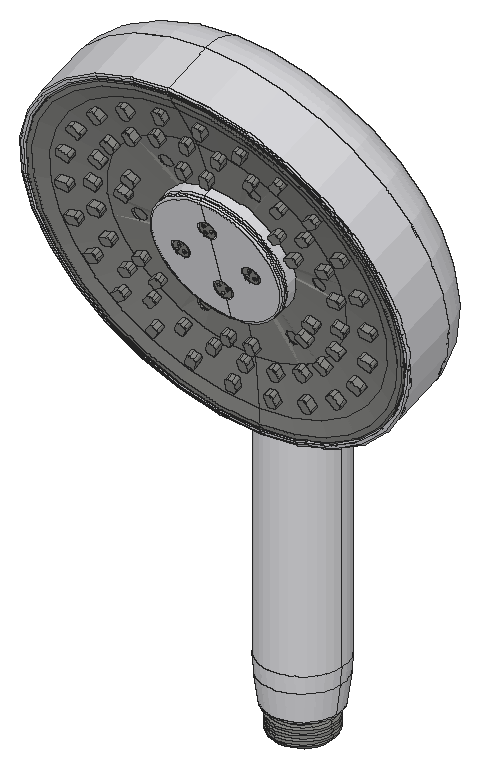
Revit family "Shower-Handshower-KOHLER-Statement_Round-K-R28694T_1", category Plumbing Fixtures, host Face, Revit 2021 (continued)
Definition of nested family "K-R28694T"
  Lines and regions (in)
    symbolic lines, detail levels medium+fine
      curve 445: spline (0.31396, 0, 8.30089) -> (0.3186, 0, 8.29999) -> (0.32308, 0, 8.29852) -> (0.32731, 0, 8.2965) -> (0.33124, 0, 8.29396) -> (0.33478, 0, 8.29096) -> (0.33788, 0, 8.28753) -> (0.34048, 0, 8.28375) -> (0.34254, 0, 8.27967) -> (0.34403, 0, 8.27537) -> (0.34492, 0, 8.27092) -> (0.34519, 0, 8.26639) -> (0.34484, 0, 8.26187)
      curve 446: spline (0.34484, 0, 8.26187) -> (0.34359, 0, 8.25332) -> (0.34233, 0, 8.24477) -> (0.34108, 0, 8.23622) -> (0.33982, 0, 8.22766) -> (0.33857, 0, 8.21911) -> (0.33731, 0, 8.21056) -> (0.33606, 0, 8.20201) -> (0.3348, 0, 8.19346) -> (0.33355, 0, 8.18491) -> (0.33229, 0, 8.17636) -> (0.33104, 0, 8.16781) -> (0.32978, 0, 8.15926)
      curve 447: spline (0.20573, 0, 8.17584) -> (0.20698, 0, 8.18438) -> (0.20824, 0, 8.19292) -> (0.20949, 0, 8.20146) -> (0.21075, 0, 8.21) -> (0.212, 0, 8.21854) -> (0.21325, 0, 8.22708) -> (0.21451, 0, 8.23562) -> (0.21576, 0, 8.24416) -> (0.21701, 0, 8.2527) -> (0.21827, 0, 8.26124) -> (0.21952, 0, 8.26979) -> (0.22077, 0, 8.27833)
      curve 448: spline (0.76792, 0, 7.9998) -> (0.76387, 0, 8.00144) -> (0.75981, 0, 8.00307) -> (0.75576, 0, 8.00471) -> (0.75171, 0, 8.00634) -> (0.74766, 0, 8.00798) -> (0.74361, 0, 8.00961) -> (0.73955, 0, 8.01125) -> (0.7355, 0, 8.01288) -> (0.73145, 0, 8.01452) -> (0.7274, 0, 8.01616) -> (0.72335, 0, 8.01779) -> (0.71929, 0, 8.01943)
      curve 449: spline (0.71929, 0, 8.01943) -> (0.71504, 0, 8.02145) -> (0.71111, 0, 8.02398) -> (0.70755, 0, 8.02699) -> (0.70444, 0, 8.03041) -> (0.70182, 0, 8.0342) -> (0.69975, 0, 8.03829) -> (0.69825, 0, 8.0426) -> (0.69736, 0, 8.04706) -> (0.69708, 0, 8.0516) -> (0.69743, 0, 8.05613) -> (0.6984, 0, 8.06058) -> (0.69996, 0, 8.06488)
      curve 450: spline (0.69996, 0, 8.06488) -> (0.70348, 0, 8.07282) -> (0.707, 0, 8.08076) -> (0.71052, 0, 8.0887) -> (0.71404, 0, 8.09665) -> (0.71756, 0, 8.10459) -> (0.72108, 0, 8.11253) -> (0.7246, 0, 8.12047) -> (0.72812, 0, 8.12842) -> (0.73164, 0, 8.13636) -> (0.73516, 0, 8.1443) -> (0.73867, 0, 8.15225) -> (0.74219, 0, 8.16019)
      curve 451: spline (0.74219, 0, 8.16019) -> (0.74432, 0, 8.16424) -> (0.74698, 0, 8.16798) -> (0.75012, 0, 8.17136) -> (0.75369, 0, 8.17433) -> (0.75764, 0, 8.17682) -> (0.76189, 0, 8.17881) -> (0.76637, 0, 8.18025) -> (0.77101, 0, 8.18111) -> (0.77573, 0, 8.1814) -> (0.78044, 0, 8.18109) -> (0.78507, 0, 8.1802) -> (0.78954, 0, 8.17874)
      curve 452: spline (0.78954, 0, 8.17874) -> (0.7936, 0, 8.1771) -> (0.79766, 0, 8.17546) -> (0.80173, 0, 8.17382) -> (0.80579, 0, 8.17218) -> (0.80985, 0, 8.17054) -> (0.81391, 0, 8.1689) -> (0.81797, 0, 8.16726) -> (0.82204, 0, 8.16562) -> (0.8261, 0, 8.16398) -> (0.83016, 0, 8.16234) -> (0.83422, 0, 8.1607) -> (0.83828, 0, 8.15906)
      curve 453: spline (0.83828, 0, 8.15906) -> (0.84252, 0, 8.15705) -> (0.84644, 0, 8.15453) -> (0.84999, 0, 8.15153) -> (0.85309, 0, 8.14812) -> (0.8557, 0, 8.14434) -> (0.85776, 0, 8.14027) -> (0.85926, 0, 8.13598) -> (0.86015, 0, 8.13153) -> (0.86042, 0, 8.127) -> (0.86007, 0, 8.12248) -> (0.85911, 0, 8.11805) -> (0.85755, 0, 8.11376)
      curve 454: spline (0.85755, 0, 8.11376) -> (0.85403, 0, 8.10581) -> (0.85051, 0, 8.09786) -> (0.84698, 0, 8.0899) -> (0.84346, 0, 8.08195) -> (0.83994, 0, 8.074) -> (0.83641, 0, 8.06604) -> (0.83289, 0, 8.05809) -> (0.82937, 0, 8.05014) -> (0.82584, 0, 8.04219) -> (0.82232, 0, 8.03424) -> (0.81879, 0, 8.02628) -> (0.81527, 0, 8.01833)
      curve 455: spline (0.81527, 0, 8.01833) -> (0.81314, 0, 8.01429) -> (0.81049, 0, 8.01055) -> (0.80734, 0, 8.00717) -> (0.80377, 0, 8.0042) -> (0.79982, 0, 8.00171) -> (0.79557, 0, 7.99972) -> (0.79109, 0, 7.99829) -> (0.78645, 0, 7.99742) -> (0.78173, 0, 7.99714) -> (0.77702, 0, 7.99745) -> (0.77239, 0, 7.99834) -> (0.76792, 0, 7.9998)
      curve 456: spline (0.76778, 0, 7.99986) -> (0.76373, 0, 8.00149) -> (0.75967, 0, 8.00313) -> (0.75562, 0, 8.00476) -> (0.75157, 0, 8.0064) -> (0.74752, 0, 8.00803) -> (0.74346, 0, 8.00967) -> (0.73941, 0, 8.01131) -> (0.73536, 0, 8.01294) -> (0.73131, 0, 8.01458) -> (0.72726, 0, 8.01621) -> (0.7232, 0, 8.01785) -> (0.71915, 0, 8.01948)
      curve 457: spline (1.19513, 0, 7.75647) -> (1.19166, 0, 7.75905) -> (1.18818, 0, 7.76164) -> (1.1847, 0, 7.76422) -> (1.18122, 0, 7.76681) -> (1.17774, 0, 7.76939) -> (1.17426, 0, 7.77198) -> (1.17078, 0, 7.77456) -> (1.1673, 0, 7.77714) -> (1.16382, 0, 7.77973) -> (1.16034, 0, 7.78231) -> (1.15687, 0, 7.7849) -> (1.15339, 0, 7.78748)
      curve 458: spline (1.14714, 0, 7.83606) -> (1.15269, 0, 7.84287) -> (1.15824, 0, 7.84968) -> (1.16378, 0, 7.85648) -> (1.16933, 0, 7.86329) -> (1.17487, 0, 7.8701) -> (1.18042, 0, 7.87691) -> (1.18596, 0, 7.88372) -> (1.19151, 0, 7.89052) -> (1.19705, 0, 7.89733) -> (1.2026, 0, 7.90414) -> (1.20814, 0, 7.91095) -> (1.21369, 0, 7.91776)
      curve 459: spline (1.21369, 0, 7.91776) -> (1.21683, 0, 7.92114) -> (1.22041, 0, 7.92411) -> (1.22436, 0, 7.9266) -> (1.22861, 0, 7.92859) -> (1.23309, 0, 7.93003) -> (1.23773, 0, 7.9309) -> (1.24245, 0, 7.93119) -> (1.24716, 0, 7.93088) -> (1.25179, 0, 7.92999) -> (1.25626, 0, 7.92854) -> (1.26048, 0, 7.92654) -> (1.2644, 0, 7.92403)
      curve 460: spline (1.30613, 0, 7.89303) -> (1.30967, 0, 7.89004) -> (1.31278, 0, 7.88664) -> (1.31539, 0, 7.88287) -> (1.31746, 0, 7.87881) -> (1.31895, 0, 7.87452) -> (1.31985, 0, 7.87008) -> (1.32013, 0, 7.86556) -> (1.31978, 0, 7.86105) -> (1.31883, 0, 7.85661) -> (1.31727, 0, 7.85233) -> (1.31514, 0, 7.84827) -> (1.31248, 0, 7.84452)
      curve 461: spline (1.31248, 0, 7.84452) -> (1.30692, 0, 7.8377) -> (1.30137, 0, 7.83089) -> (1.29582, 0, 7.82407) -> (1.29027, 0, 7.81725) -> (1.28472, 0, 7.81043) -> (1.27917, 0, 7.80362) -> (1.27361, 0, 7.7968) -> (1.26806, 0, 7.78999) -> (1.26251, 0, 7.78317) -> (1.25696, 0, 7.77636) -> (1.25141, 0, 7.76954) -> (1.24585, 0, 7.76273)
      curve 462: spline (1.24585, 0, 7.76273) -> (1.24271, 0, 7.75934) -> (1.23913, 0, 7.75638) -> (1.23518, 0, 7.75388) -> (1.23093, 0, 7.7519) -> (1.22644, 0, 7.75046) -> (1.2218, 0, 7.74959) -> (1.21709, 0, 7.74931) -> (1.21237, 0, 7.74961) -> (1.20775, 0, 7.7505) -> (1.20328, 0, 7.75196) -> (1.19905, 0, 7.75396) -> (1.19513, 0, 7.75647)
      curve 463: spline (1.19501, 0, 7.75656) -> (1.19155, 0, 7.75913) -> (1.18808, 0, 7.76171) -> (1.18461, 0, 7.76429) -> (1.18114, 0, 7.76687) -> (1.17767, 0, 7.76944) -> (1.1742, 0, 7.77202) -> (1.17073, 0, 7.7746) -> (1.16726, 0, 7.77717) -> (1.16379, 0, 7.77975) -> (1.16032, 0, 7.78233) -> (1.15686, 0, 7.78491) -> (1.15339, 0, 7.78748)
      curve 464: spline (1.2644, 0, 7.92403) -> (1.26788, 0, 7.92144) -> (1.27136, 0, 7.91886) -> (1.27483, 0, 7.91628) -> (1.27831, 0, 7.91369) -> (1.28179, 0, 7.91111) -> (1.28526, 0, 7.90853) -> (1.28874, 0, 7.90594) -> (1.29222, 0, 7.90336) -> (1.2957, 0, 7.90078) -> (1.29917, 0, 7.89819) -> (1.30265, 0, 7.89561) -> (1.30613, 0, 7.89303)
      curve 465: spline (1.14714, 0, 7.83606) -> (1.15269, 0, 7.84287) -> (1.15824, 0, 7.84968) -> (1.16378, 0, 7.85648) -> (1.16933, 0, 7.86329) -> (1.17487, 0, 7.8701) -> (1.18042, 0, 7.87691) -> (1.18596, 0, 7.88372) -> (1.19151, 0, 7.89052) -> (1.19705, 0, 7.89733) -> (1.2026, 0, 7.90414) -> (1.20814, 0, 7.91095) -> (1.21369, 0, 7.91776)
      curve 466: spline (1.26453, 0, 7.92393) -> (1.268, 0, 7.92135) -> (1.27148, 0, 7.91877) -> (1.27496, 0, 7.91618) -> (1.27844, 0, 7.9136) -> (1.28191, 0, 7.91102) -> (1.28539, 0, 7.90843) -> (1.28887, 0, 7.90585) -> (1.29235, 0, 7.90327) -> (1.29582, 0, 7.90068) -> (1.2993, 0, 7.8981) -> (1.30278, 0, 7.89552) -> (1.30626, 0, 7.89293)
      curve 467: spline (1.15351, 0, 7.78739) -> (1.14995, 0, 7.79039) -> (1.14684, 0, 7.79381) -> (1.14422, 0, 7.79759) -> (1.14214, 0, 7.80166) -> (1.14064, 0, 7.80597) -> (1.13975, 0, 7.81042) -> (1.13947, 0, 7.81495) -> (1.13981, 0, 7.81949) -> (1.14077, 0, 7.82394) -> (1.14234, 0, 7.82823) -> (1.14447, 0, 7.8323) -> (1.14714, 0, 7.83606)
      curve 468: spline (1.54156, 0, 7.41629) -> (1.53891, 0, 7.41963) -> (1.53626, 0, 7.42297) -> (1.53361, 0, 7.42632) -> (1.53096, 0, 7.42966) -> (1.52831, 0, 7.433) -> (1.52566, 0, 7.43634) -> (1.52301, 0, 7.43969) -> (1.52036, 0, 7.44303) -> (1.51771, 0, 7.44637) -> (1.51507, 0, 7.44972) -> (1.51242, 0, 7.45306) -> (1.50977, 0, 7.4564)
      curve 469: spline (1.50977, 0, 7.4564) -> (1.50715, 0, 7.46017) -> (1.50507, 0, 7.46424) -> (1.50356, 0, 7.46853) -> (1.50266, 0, 7.47298) -> (1.50238, 0, 7.47751) -> (1.50272, 0, 7.48204) -> (1.50368, 0, 7.48648) -> (1.50524, 0, 7.49078) -> (1.50737, 0, 7.49484) -> (1.51004, 0, 7.49861) -> (1.51321, 0, 7.50201) -> (1.5168, 0, 7.50499)
      curve 470: spline (1.5168, 0, 7.50499) -> (1.524, 0, 7.5102) -> (1.53119, 0, 7.51541) -> (1.53838, 0, 7.52063) -> (1.54558, 0, 7.52584) -> (1.55277, 0, 7.53105) -> (1.55996, 0, 7.53627) -> (1.56716, 0, 7.54148) -> (1.57435, 0, 7.54669) -> (1.58154, 0, 7.55191) -> (1.58874, 0, 7.55712) -> (1.59593, 0, 7.56234) -> (1.60312, 0, 7.56755)
      curve 471: spline (1.60312, 0, 7.56755) -> (1.60707, 0, 7.57005) -> (1.61132, 0, 7.57203) -> (1.61581, 0, 7.57347) -> (1.62045, 0, 7.57434) -> (1.62517, 0, 7.57463) -> (1.62988, 0, 7.57433) -> (1.63451, 0, 7.57345) -> (1.63897, 0, 7.572) -> (1.6432, 0, 7.57) -> (1.64711, 0, 7.56749) -> (1.65065, 0, 7.56452) -> (1.65375, 0, 7.56113)
      curve 472: spline (1.65375, 0, 7.56113) -> (1.6564, 0, 7.55778) -> (1.65906, 0, 7.55443) -> (1.66171, 0, 7.55108) -> (1.66437, 0, 7.54773) -> (1.66702, 0, 7.54438) -> (1.66968, 0, 7.54103) -> (1.67234, 0, 7.53768) -> (1.67499, 0, 7.53432) -> (1.67765, 0, 7.53097) -> (1.6803, 0, 7.52762) -> (1.68296, 0, 7.52427) -> (1.68561, 0, 7.52092)
      curve 473: spline (1.68561, 0, 7.52092) -> (1.68823, 0, 7.51717) -> (1.6903, 0, 7.51311) -> (1.6918, 0, 7.50883) -> (1.6927, 0, 7.5044) -> (1.69298, 0, 7.49989) -> (1.69264, 0, 7.49538) -> (1.69169, 0, 7.49094) -> (1.69013, 0, 7.48666) -> (1.68801, 0, 7.48261) -> (1.68535, 0, 7.47886) -> (1.68219, 0, 7.47546) -> (1.67861, 0, 7.47249)
      curve 474: spline (1.67861, 0, 7.47249) -> (1.67141, 0, 7.46727) -> (1.66421, 0, 7.46205) -> (1.657, 0, 7.45683) -> (1.6498, 0, 7.45161) -> (1.6426, 0, 7.44639) -> (1.6354, 0, 7.44117) -> (1.6282, 0, 7.43595) -> (1.621, 0, 7.43073) -> (1.61379, 0, 7.42551) -> (1.60659, 0, 7.42029) -> (1.59939, 0, 7.41508) -> (1.59219, 0, 7.40986)
      curve 475: spline (1.59219, 0, 7.40986) -> (1.58824, 0, 7.40736) -> (1.58398, 0, 7.40538) -> (1.5795, 0, 7.40394) -> (1.57486, 0, 7.40307) -> (1.57014, 0, 7.40278) -> (1.56543, 0, 7.40309) -> (1.5608, 0, 7.40397) -> (1.55633, 0, 7.40542) -> (1.55211, 0, 7.40742) -> (1.54819, 0, 7.40993) -> (1.54466, 0, 7.4129) -> (1.54156, 0, 7.41629)
      curve 476: spline (1.76379, 0, 7.04901) -> (1.76228, 0, 7.0533) -> (1.76138, 0, 7.05774) -> (1.76109, 0, 7.06226) -> (1.76143, 0, 7.06678) -> (1.76239, 0, 7.07122) -> (1.76394, 0, 7.07551) -> (1.76607, 0, 7.07957) -> (1.76874, 0, 7.08334) -> (1.7719, 0, 7.08674) -> (1.7755, 0, 7.08972) -> (1.77947, 0, 7.09223) -> (1.78375, 0, 7.09422)
      curve 477: spline (1.78375, 0, 7.09422) -> (1.7921, 0, 7.09749) -> (1.80045, 0, 7.10075) -> (1.8088, 0, 7.10402) -> (1.81715, 0, 7.10729) -> (1.8255, 0, 7.11055) -> (1.83385, 0, 7.11382) -> (1.8422, 0, 7.11709) -> (1.85055, 0, 7.12036) -> (1.85891, 0, 7.12363) -> (1.86726, 0, 7.12689) -> (1.87561, 0, 7.13016) -> (1.88396, 0, 7.13343)
      curve 478: spline (1.88396, 0, 7.13343) -> (1.88844, 0, 7.13487) -> (1.89308, 0, 7.13574) -> (1.8978, 0, 7.13603) -> (1.90251, 0, 7.13573) -> (1.90714, 0, 7.13485) -> (1.9116, 0, 7.1334) -> (1.91582, 0, 7.13141) -> (1.91974, 0, 7.12891) -> (1.92327, 0, 7.12594) -> (1.92637, 0, 7.12256) -> (1.92897, 0, 7.11882) -> (1.93105, 0, 7.11478)
      curve 479: spline (1.93105, 0, 7.11478) -> (1.9327, 0, 7.11089) -> (1.93435, 0, 7.107) -> (1.936, 0, 7.10311) -> (1.93766, 0, 7.09922) -> (1.93931, 0, 7.09533) -> (1.94096, 0, 7.09144) -> (1.94262, 0, 7.08755) -> (1.94427, 0, 7.08366) -> (1.94592, 0, 7.07977) -> (1.94758, 0, 7.07588) -> (1.94923, 0, 7.07199) -> (1.95088, 0, 7.0681)
      curve 480: spline (1.95088, 0, 7.0681) -> (1.95238, 0, 7.06383) -> (1.95329, 0, 7.0594) -> (1.95357, 0, 7.0549) -> (1.95323, 0, 7.05039) -> (1.95228, 0, 7.04597) -> (1.95073, 0, 7.04169) -> (1.94861, 0, 7.03764) -> (1.94595, 0, 7.03389) -> (1.9428, 0, 7.0305) -> (1.93922, 0, 7.02753) -> (1.93526, 0, 7.02502) -> (1.931, 0, 7.02303)
      curve 481: spline (1.931, 0, 7.02303) -> (1.92264, 0, 7.01976) -> (1.91428, 0, 7.01649) -> (1.90592, 0, 7.01322) -> (1.89756, 0, 7.00994) -> (1.88919, 0, 7.00667) -> (1.88083, 0, 7.0034) -> (1.87247, 0, 7.00013) -> (1.86411, 0, 6.99686) -> (1.85575, 0, 6.99359) -> (1.84739, 0, 6.99032) -> (1.83903, 0, 6.98705) -> (1.83067, 0, 6.98378)
      curve 482: spline (1.83067, 0, 6.98378) -> (1.82618, 0, 6.98234) -> (1.82154, 0, 6.98147) -> (1.81682, 0, 6.98118) -> (1.81211, 0, 6.98148) -> (1.80748, 0, 6.98237) -> (1.80302, 0, 6.98382) -> (1.7988, 0, 6.98581) -> (1.79488, 0, 6.98831) -> (1.79135, 0, 6.99128) -> (1.78825, 0, 6.99466) -> (1.78565, 0, 6.9984) -> (1.78358, 0, 7.00244)
      curve 483: spline (1.78358, 0, 7.00244) -> (1.78193, 0, 7.00632) -> (1.78028, 0, 7.0102) -> (1.77863, 0, 7.01408) -> (1.77698, 0, 7.01796) -> (1.77533, 0, 7.02184) -> (1.77368, 0, 7.02572) -> (1.77203, 0, 7.0296) -> (1.77039, 0, 7.03349) -> (1.76874, 0, 7.03737) -> (1.76709, 0, 7.04125) -> (1.76544, 0, 7.04513) -> (1.76379, 0, 7.04901)
      curve 484: spline (1.92978, 0, 6.63175) -> (1.93872, 0, 6.63285) -> (1.94766, 0, 6.63395) -> (1.9566, 0, 6.63506) -> (1.96554, 0, 6.63616) -> (1.97448, 0, 6.63726) -> (1.98342, 0, 6.63836) -> (1.99236, 0, 6.63947) -> (2.0013, 0, 6.64057) -> (2.01024, 0, 6.64167) -> (2.01918, 0, 6.64278) -> (2.02812, 0, 6.64388) -> (2.03706, 0, 6.64499)
      curve 485: spline (2.03706, 0, 6.64499) -> (2.04179, 0, 6.64527) -> (2.04651, 0, 6.64497) -> (2.05115, 0, 6.64408) -> (2.05562, 0, 6.64263) -> (2.05985, 0, 6.64063) -> (2.06377, 0, 6.63811) -> (2.0673, 0, 6.63513) -> (2.0704, 0, 6.63174) -> (2.07299, 0, 6.62798) -> (2.07505, 0, 6.62394) -> (2.07654, 0, 6.61966) -> (2.07742, 0, 6.61524)
      curve 486: spline (2.07742, 0, 6.61524) -> (2.07796, 0, 6.61107) -> (2.0785, 0, 6.60691) -> (2.07903, 0, 6.60274) -> (2.07957, 0, 6.59858) -> (2.08011, 0, 6.59441) -> (2.08065, 0, 6.59025) -> (2.08118, 0, 6.58609) -> (2.08172, 0, 6.58192) -> (2.08226, 0, 6.57776) -> (2.0828, 0, 6.57359) -> (2.08333, 0, 6.56943) -> (2.08387, 0, 6.56526)
      curve 487: spline (2.08387, 0, 6.56526) -> (2.08414, 0, 6.56078) -> (2.08379, 0, 6.5563) -> (2.08283, 0, 6.55189) -> (2.08127, 0, 6.54764) -> (2.07915, 0, 6.54361) -> (2.07649, 0, 6.53988) -> (2.07335, 0, 6.53651) -> (2.06977, 0, 6.53355) -> (2.06582, 0, 6.53106) -> (2.06157, 0, 6.52908) -> (2.05708, 0, 6.52764) -> (2.05245, 0, 6.52677)
      curve 488: spline (2.05245, 0, 6.52677) -> (2.0435, 0, 6.52567) -> (2.03455, 0, 6.52456) -> (2.0256, 0, 6.52346) -> (2.01665, 0, 6.52235) -> (2.0077, 0, 6.52125) -> (1.99875, 0, 6.52014) -> (1.9898, 0, 6.51904) -> (1.98085, 0, 6.51793) -> (1.9719, 0, 6.51683) -> (1.96294, 0, 6.51573) -> (1.95399, 0, 6.51462) -> (1.94504, 0, 6.51352)
      curve 489: spline (1.94504, 0, 6.51352) -> (1.94031, 0, 6.51324) -> (1.93559, 0, 6.51354) -> (1.93095, 0, 6.51443) -> (1.92648, 0, 6.51589) -> (1.92225, 0, 6.51789) -> (1.91833, 0, 6.5204) -> (1.9148, 0, 6.52338) -> (1.9117, 0, 6.52678) -> (1.90911, 0, 6.53053) -> (1.90705, 0, 6.53458) -> (1.90556, 0, 6.53885) -> (1.90468, 0, 6.54328)
      curve 490: spline (1.90468, 0, 6.54328) -> (1.90415, 0, 6.54743) -> (1.90361, 0, 6.55159) -> (1.90307, 0, 6.55574) -> (1.90254, 0, 6.55989) -> (1.902, 0, 6.56405) -> (1.90146, 0, 6.5682) -> (1.90093, 0, 6.57236) -> (1.90039, 0, 6.57651) -> (1.89985, 0, 6.58066) -> (1.89932, 0, 6.58482) -> (1.89878, 0, 6.58897) -> (1.89824, 0, 6.59313)
      curve 491: spline (1.89824, 0, 6.59313) -> (1.89798, 0, 6.59763) -> (1.89833, 0, 6.60213) -> (1.89929, 0, 6.60655) -> (1.90085, 0, 6.61082) -> (1.90299, 0, 6.61486) -> (1.90565, 0, 6.6186) -> (1.90881, 0, 6.62199) -> (1.9124, 0, 6.62495) -> (1.91636, 0, 6.62745) -> (1.92063, 0, 6.62944) -> (1.92513, 0, 6.63088) -> (1.92978, 0, 6.63175)
      curve 492: spline (1.94505, 0, 6.1577) -> (1.954, 0, 6.15671) -> (1.96295, 0, 6.15573) -> (1.9719, 0, 6.15474) -> (1.98085, 0, 6.15375) -> (1.9898, 0, 6.15277) -> (1.99875, 0, 6.15178) -> (2.0077, 0, 6.1508) -> (2.01665, 0, 6.14981) -> (2.0256, 0, 6.14883) -> (2.03455, 0, 6.14784) -> (2.0435, 0, 6.14686) -> (2.05245, 0, 6.14588)
      curve 493: spline (2.05245, 0, 6.14587) -> (2.0571, 0, 6.14507) -> (2.0616, 0, 6.14369) -> (2.06586, 0, 6.14176) -> (2.06982, 0, 6.13931) -> (2.0734, 0, 6.13639) -> (2.07654, 0, 6.13305) -> (2.0792, 0, 6.12934) -> (2.08132, 0, 6.12534) -> (2.08286, 0, 6.12109) -> (2.08381, 0, 6.11669) -> (2.08414, 0, 6.11221) -> (2.08385, 0, 6.10772)
      curve 494: spline (2.08385, 0, 6.10772) -> (2.08332, 0, 6.10356) -> (2.08278, 0, 6.09941) -> (2.08224, 0, 6.09526) -> (2.08171, 0, 6.09111) -> (2.08117, 0, 6.08696) -> (2.08064, 0, 6.08281) -> (2.0801, 0, 6.07866) -> (2.07956, 0, 6.07451) -> (2.07903, 0, 6.07036) -> (2.07849, 0, 6.06621) -> (2.07796, 0, 6.06205) -> (2.07742, 0, 6.0579)
      curve 495: spline (2.07742, 0, 6.0579) -> (2.07654, 0, 6.05348) -> (2.07505, 0, 6.04919) -> (2.07299, 0, 6.04512) -> (2.0704, 0, 6.04134) -> (2.0673, 0, 6.03791) -> (2.06377, 0, 6.03489) -> (2.05985, 0, 6.03233) -> (2.05562, 0, 6.03028) -> (2.05115, 0, 6.02876) -> (2.04651, 0, 6.02781) -> (2.04178, 0, 6.02745) -> (2.03705, 0, 6.02767)
      curve 496: spline (2.03705, 0, 6.02767) -> (2.02811, 0, 6.02865) -> (2.01917, 0, 6.02964) -> (2.01023, 0, 6.03062) -> (2.00129, 0, 6.0316) -> (1.99235, 0, 6.03259) -> (1.98341, 0, 6.03357) -> (1.97448, 0, 6.03456) -> (1.96554, 0, 6.03554) -> (1.9566, 0, 6.03653) -> (1.94766, 0, 6.03751) -> (1.93872, 0, 6.0385) -> (1.92978, 0, 6.03948)
      curve 497: spline (1.92978, 0, 6.03948) -> (1.92511, 0, 6.0403) -> (1.9206, 0, 6.04168) -> (1.91632, 0, 6.04362) -> (1.91235, 0, 6.04607) -> (1.90876, 0, 6.049) -> (1.9056, 0, 6.05236) -> (1.90294, 0, 6.05608) -> (1.90081, 0, 6.0601) -> (1.89926, 0, 6.06435) -> (1.89831, 0, 6.06877) -> (1.89797, 0, 6.07327) -> (1.89826, 0, 6.07778)
      curve 498: spline (1.89826, 0, 6.07778) -> (1.8988, 0, 6.08192) -> (1.89933, 0, 6.08606) -> (1.89987, 0, 6.0902) -> (1.9004, 0, 6.09434) -> (1.90094, 0, 6.09848) -> (1.90147, 0, 6.10263) -> (1.90201, 0, 6.10677) -> (1.90254, 0, 6.11091) -> (1.90308, 0, 6.11505) -> (1.90361, 0, 6.11919) -> (1.90415, 0, 6.12333) -> (1.90468, 0, 6.12748)
      curve 499: spline (1.90468, 0, 6.12748) -> (1.90556, 0, 6.1319) -> (1.90705, 0, 6.13619) -> (1.90911, 0, 6.14026) -> (1.91171, 0, 6.14404) -> (1.9148, 0, 6.14747) -> (1.91833, 0, 6.15049) -> (1.92225, 0, 6.15305) -> (1.92648, 0, 6.1551) -> (1.93096, 0, 6.15662) -> (1.93559, 0, 6.15756) -> (1.94032, 0, 6.15793) -> (1.94505, 0, 6.1577)
      curve 500: spline (1.88395, 0, 5.53922) -> (1.8756, 0, 5.54236) -> (1.86725, 0, 5.54551) -> (1.8589, 0, 5.54866) -> (1.85055, 0, 5.55181) -> (1.8422, 0, 5.55496) -> (1.83385, 0, 5.55811) -> (1.8255, 0, 5.56125) -> (1.81715, 0, 5.5644) -> (1.8088, 0, 5.56755) -> (1.80044, 0, 5.5707) -> (1.79209, 0, 5.57385) -> (1.78374, 0, 5.577)
      curve 501: spline (1.93117, 0, 5.55864) -> (1.92912, 0, 5.55456) -> (1.92654, 0, 5.55077) -> (1.92345, 0, 5.54732) -> (1.91991, 0, 5.54429) -> (1.91599, 0, 5.54172) -> (1.91175, 0, 5.53965) -> (1.90727, 0, 5.53813) -> (1.90262, 0, 5.53718) -> (1.89788, 0, 5.53681) -> (1.89313, 0, 5.53703) -> (1.88846, 0, 5.53784) -> (1.88395, 0, 5.53922)
      curve 502: spline (1.95088, 0, 5.60503) -> (1.94924, 0, 5.60116) -> (1.9476, 0, 5.5973) -> (1.94595, 0, 5.59343) -> (1.94431, 0, 5.58956) -> (1.94267, 0, 5.5857) -> (1.94103, 0, 5.58183) -> (1.93938, 0, 5.57797) -> (1.93774, 0, 5.5741) -> (1.9361, 0, 5.57024) -> (1.93446, 0, 5.56637) -> (1.93281, 0, 5.56251) -> (1.93117, 0, 5.55864)
      curve 503: spline (1.931, 0, 5.64961) -> (1.93527, 0, 5.64768) -> (1.93922, 0, 5.64524) -> (1.94281, 0, 5.64233) -> (1.94596, 0, 5.639) -> (1.94861, 0, 5.6353) -> (1.95074, 0, 5.6313) -> (1.95228, 0, 5.62706) -> (1.95324, 0, 5.62267) -> (1.95357, 0, 5.61819) -> (1.95329, 0, 5.61371) -> (1.95238, 0, 5.6093) -> (1.95088, 0, 5.60503)
      curve 504: spline (1.83067, 0, 5.68744) -> (1.83903, 0, 5.68428) -> (1.8474, 0, 5.68113) -> (1.85576, 0, 5.67797) -> (1.86412, 0, 5.67482) -> (1.87248, 0, 5.67167) -> (1.88084, 0, 5.66852) -> (1.8892, 0, 5.66536) -> (1.89756, 0, 5.66221) -> (1.90592, 0, 5.65906) -> (1.91428, 0, 5.65591) -> (1.92264, 0, 5.65276) -> (1.931, 0, 5.64961)
      curve 505: spline (1.78346, 0, 5.66803) -> (1.7855, 0, 5.67211) -> (1.78809, 0, 5.6759) -> (1.79118, 0, 5.67934) -> (1.79472, 0, 5.68238) -> (1.79864, 0, 5.68495) -> (1.80288, 0, 5.68701) -> (1.80736, 0, 5.68853) -> (1.81201, 0, 5.68948) -> (1.81675, 0, 5.68985) -> (1.82149, 0, 5.68963) -> (1.82616, 0, 5.68882) -> (1.83067, 0, 5.68744)
      curve 506: spline (1.76379, 0, 5.62174) -> (1.76543, 0, 5.6256) -> (1.76707, 0, 5.62945) -> (1.76871, 0, 5.63331) -> (1.77035, 0, 5.63717) -> (1.77198, 0, 5.64103) -> (1.77362, 0, 5.64488) -> (1.77526, 0, 5.64874) -> (1.7769, 0, 5.6526) -> (1.77854, 0, 5.65646) -> (1.78018, 0, 5.66031) -> (1.78182, 0, 5.66417) -> (1.78346, 0, 5.66803)
      curve 507: spline (1.78374, 0, 5.577) -> (1.77946, 0, 5.57894) -> (1.77549, 0, 5.58138) -> (1.7719, 0, 5.58431) -> (1.76874, 0, 5.58765) -> (1.76607, 0, 5.59137) -> (1.76394, 0, 5.59538) -> (1.76239, 0, 5.59963) -> (1.76143, 0, 5.60404) -> (1.76109, 0, 5.60853) -> (1.76138, 0, 5.61303) -> (1.76228, 0, 5.61746) -> (1.76379, 0, 5.62174)
      curve 508: spline (1.68571, 0, 5.18687) -> (1.6883, 0, 5.19063) -> (1.69035, 0, 5.19467) -> (1.69183, 0, 5.19893) -> (1.69271, 0, 5.20334) -> (1.69298, 0, 5.20782) -> (1.69263, 0, 5.2123) -> (1.69167, 0, 5.21669) -> (1.69011, 0, 5.22093) -> (1.68799, 0, 5.22494) -> (1.68533, 0, 5.22865) -> (1.68219, 0, 5.232) -> (1.67861, 0, 5.23493)
      curve 509: line (1.67861, 0, 5.23493) -> (1.59219, 0, 5.29685)
      curve 510: spline (1.59219, 0, 5.29685) -> (1.58823, 0, 5.29932) -> (1.58396, 0, 5.30128) -> (1.57946, 0, 5.30269) -> (1.57481, 0, 5.30353) -> (1.57008, 0, 5.30378) -> (1.56535, 0, 5.30345) -> (1.56071, 0, 5.30253) -> (1.55624, 0, 5.30105) -> (1.55201, 0, 5.29902) -> (1.54809, 0, 5.29648) -> (1.54456, 0, 5.29348) -> (1.54147, 0, 5.29007)
      curve 511: line (1.54147, 0, 5.29007) -> (1.50967, 0, 5.24996)
      curve 512: line (1.5168, 0, 5.20173) -> (1.60312, 0, 5.13988)
      curve 513: line (1.65384, 0, 5.14666) -> (1.68571, 0, 5.18687)
      curve 514: line (1.31248, 0, 4.86291) -> (1.24586, 0, 4.94399)
      curve 515: spline (1.24586, 0, 4.94399) -> (1.2427, 0, 4.94735) -> (1.23911, 0, 4.95029) -> (1.23515, 0, 4.95276) -> (1.23088, 0, 4.95472) -> (1.22638, 0, 4.95613) -> (1.22173, 0, 4.95697) -> (1.217, 0, 4.95722) -> (1.21227, 0, 4.95689) -> (1.20763, 0, 4.95597) -> (1.20316, 0, 4.95449) -> (1.19893, 0, 4.95246) -> (1.19501, 0, 4.94992)
      curve 516: line (1.19501, 0, 4.94992) -> (1.15339, 0, 4.919)
      curve 517: spline (1.15339, 0, 4.919) -> (1.14985, 0, 4.916) -> (1.14676, 0, 4.91259) -> (1.14416, 0, 4.90882) -> (1.1421, 0, 4.90476) -> (1.14062, 0, 4.90049) -> (1.13974, 0, 4.89606) -> (1.13947, 0, 4.89156) -> (1.13982, 0, 4.88707) -> (1.14078, 0, 4.88266) -> (1.14235, 0, 4.87841) -> (1.14448, 0, 4.87438) -> (1.14714, 0, 4.87066)
      curve 518: line (1.14714, 0, 4.87066) -> (1.21368, 0, 4.78968)
      curve 519: spline (1.21368, 0, 4.78968) -> (1.21684, 0, 4.78632) -> (1.22043, 0, 4.78338) -> (1.22439, 0, 4.78091) -> (1.22866, 0, 4.77895) -> (1.23316, 0, 4.77754) -> (1.23781, 0, 4.7767) -> (1.24254, 0, 4.77645) -> (1.24727, 0, 4.77678) -> (1.25191, 0, 4.7777) -> (1.25638, 0, 4.77918) -> (1.26061, 0, 4.78121) -> (1.26453, 0, 4.78375)
      curve 520: line (1.26453, 0, 4.78375) -> (1.30626, 0, 4.81475)
      curve 521: spline (1.30626, 0, 4.81475) -> (1.30978, 0, 4.81773) -> (1.31286, 0, 4.82113) -> (1.31545, 0, 4.82489) -> (1.3175, 0, 4.82893) -> (1.31898, 0, 4.83319) -> (1.31986, 0, 4.8376) -> (1.32013, 0, 4.84209) -> (1.31978, 0, 4.84656) -> (1.31882, 0, 4.85096) -> (1.31726, 0, 4.85519) -> (1.31513, 0, 4.8592) -> (1.31248, 0, 4.86291)
      curve 522: line (0.78969, 0, 4.529) -> (0.83843, 0, 4.54868)
      curve 523: spline (0.83843, 0, 4.54868) -> (0.84265, 0, 4.5507) -> (0.84655, 0, 4.55322) -> (0.85007, 0, 4.55621) -> (0.85315, 0, 4.55961) -> (0.85574, 0, 4.56337) -> (0.85779, 0, 4.56741) -> (0.85927, 0, 4.57167) -> (0.86015, 0, 4.57608) -> (0.86042, 0, 4.58056) -> (0.86007, 0, 4.58504) -> (0.85911, 0, 4.58944) -> (0.85755, 0, 4.59367)
      curve 524: line (0.85755, 0, 4.59367) -> (0.81527, 0, 4.68838)
      curve 525: spline (0.81527, 0, 4.68838) -> (0.81314, 0, 4.6924) -> (0.81047, 0, 4.69613) -> (0.80732, 0, 4.69949) -> (0.80373, 0, 4.70243) -> (0.79977, 0, 4.7049) -> (0.7955, 0, 4.70686) -> (0.791, 0, 4.70827) -> (0.78635, 0, 4.70911) -> (0.78161, 0, 4.70936) -> (0.77689, 0, 4.70903) -> (0.77225, 0, 4.70811) -> (0.76778, 0, 4.70663)
      curve 526: line (0.76778, 0, 4.70663) -> (0.71915, 0, 4.687)
      curve 527: spline (0.71915, 0, 4.687) -> (0.71492, 0, 4.68497) -> (0.711, 0, 4.68244) -> (0.70747, 0, 4.67944) -> (0.70438, 0, 4.67602) -> (0.70178, 0, 4.67226) -> (0.69972, 0, 4.6682) -> (0.69824, 0, 4.66392) -> (0.69735, 0, 4.6595) -> (0.69708, 0, 4.655) -> (0.69744, 0, 4.65051) -> (0.6984, 0, 4.6461) -> (0.69996, 0, 4.64184)
      curve 528: line (0.69996, 0, 4.64184) -> (0.74219, 0, 4.54725)
      curve 529: spline (0.74219, 0, 4.54725) -> (0.74433, 0, 4.54323) -> (0.74699, 0, 4.5395) -> (0.75015, 0, 4.53614) -> (0.75374, 0, 4.5332) -> (0.7577, 0, 4.53073) -> (0.76197, 0, 4.52877) -> (0.76646, 0, 4.52736) -> (0.77112, 0, 4.52652) -> (0.77585, 0, 4.52627) -> (0.78057, 0, 4.5266) -> (0.78521, 0, 4.52752) -> (0.78969, 0, 4.529)
      curve 530: line (0.78969, 0, 4.529) -> (0.83843, 0, 4.54868)
      curve 531: line (0.28887, 0, 4.57675) -> (0.23656, 0, 4.56976)
      curve 532: spline (0.32978, 0, 4.54744) -> (0.32882, 0, 4.55185) -> (0.32725, 0, 4.55611) -> (0.32512, 0, 4.56013) -> (0.32245, 0, 4.56385) -> (0.3193, 0, 4.56721) -> (0.31571, 0, 4.57015) -> (0.31175, 0, 4.57262) -> (0.30748, 0, 4.57458) -> (0.30298, 0, 4.57599) -> (0.29833, 0, 4.57683) -> (0.2936, 0, 4.57709) -> (0.28887, 0, 4.57675)
      curve 533: spline (0.23656, 0, 4.56976) -> (0.23192, 0, 4.56885) -> (0.22745, 0, 4.56736) -> (0.22322, 0, 4.56533) -> (0.2193, 0, 4.5628) -> (0.21577, 0, 4.5598) -> (0.21267, 0, 4.55639) -> (0.21008, 0, 4.55262) -> (0.20802, 0, 4.54856) -> (0.20653, 0, 4.54428) -> (0.20565, 0, 4.53986) -> (0.20538, 0, 4.53536) -> (0.20573, 0, 4.53087)
      curve 534: line (0.20573, 0, 4.53087) -> (0.22077, 0, 4.4291)
      curve 535: spline (0.22077, 0, 4.4291) -> (0.22174, 0, 4.42469) -> (0.2233, 0, 4.42044) -> (0.22543, 0, 4.41642) -> (0.2281, 0, 4.41269) -> (0.23125, 0, 4.40933) -> (0.23484, 0, 4.40639) -> (0.23881, 0, 4.40392) -> (0.24307, 0, 4.40197) -> (0.24757, 0, 4.40056) -> (0.25223, 0, 4.39972) -> (0.25696, 0, 4.39946) -> (0.26168, 0, 4.39979)
      curve 536: line (0.26168, 0, 4.39979) -> (0.31412, 0, 4.4068)
      curve 537: spline (0.31412, 0, 4.4068) -> (0.31875, 0, 4.40772) -> (0.3232, 0, 4.4092) -> (0.32742, 0, 4.41122) -> (0.33132, 0, 4.41374) -> (0.33484, 0, 4.41673) -> (0.33792, 0, 4.42013) -> (0.34051, 0, 4.42389) -> (0.34256, 0, 4.42793) -> (0.34404, 0, 4.43219) -> (0.34492, 0, 4.4366) -> (0.34519, 0, 4.44108) -> (0.34484, 0, 4.44556)
      curve 538: line (0.34484, 0, 4.44556) -> (0.32978, 0, 4.54744)
      curve 539: line (0.41061, 0, 5.03233) -> (0.36794, 0, 5.01993)
      curve 540: spline (0.45977, 0, 5.00748) -> (0.45795, 0, 5.01206) -> (0.45551, 0, 5.01637) -> (0.4525, 0, 5.02035) -> (0.44897, 0, 5.02391) -> (0.44498, 0, 5.02701) -> (0.4406, 0, 5.02959) -> (0.43591, 0, 5.0316) -> (0.43098, 0, 5.03301) -> (0.42589, 0, 5.0338) -> (0.42075, 0, 5.03395) -> (0.41562, 0, 5.03346) -> (0.41061, 0, 5.03233)
      curve 541: line (0.48673, 0, 4.92364) -> (0.45977, 0, 5.00748)
      curve 542: line (0.41792, 0, 4.86449) -> (0.46059, 0, 4.8769)
      curve 543: spline (0.46059, 0, 4.8769) -> (0.46541, 0, 4.87863) -> (0.46994, 0, 4.88095) -> (0.47412, 0, 4.88381) -> (0.47787, 0, 4.88716) -> (0.48113, 0, 4.89096) -> (0.48384, 0, 4.89512) -> (0.48596, 0, 4.89958) -> (0.48744, 0, 4.90427) -> (0.48827, 0, 4.90911) -> (0.48843, 0, 4.914) -> (0.48791, 0, 4.91887) -> (0.48673, 0, 4.92364)
      curve 544: spline (0.36876, 0, 4.88934) -> (0.37058, 0, 4.88477) -> (0.37302, 0, 4.88045) -> (0.37603, 0, 4.87648) -> (0.37956, 0, 4.87291) -> (0.38354, 0, 4.86981) -> (0.38792, 0, 4.86724) -> (0.39262, 0, 4.86523) -> (0.39755, 0, 4.86382) -> (0.40263, 0, 4.86303) -> (0.40778, 0, 4.86288) -> (0.4129, 0, 4.86337) -> (0.41792, 0, 4.86449)
      curve 545: line (0.3418, 0, 4.97319) -> (0.36876, 0, 4.88934)
      curve 546: spline (0.36794, 0, 5.01993) -> (0.36312, 0, 5.01819) -> (0.35858, 0, 5.01588) -> (0.3544, 0, 5.01302) -> (0.35065, 0, 5.00966) -> (0.34739, 0, 5.00587) -> (0.34468, 0, 5.00171) -> (0.34257, 0, 4.99724) -> (0.34109, 0, 4.99255) -> (0.34026, 0, 4.98772) -> (0.3401, 0, 4.98282) -> (0.34062, 0, 4.97795) -> (0.3418, 0, 4.97319)
      curve 547: line (0.41061, 0, 5.03233) -> (0.36794, 0, 5.01993)
      curve 548: line (0.76821, 0, 5.15729) -> (0.73037, 0, 5.13481)
      curve 549: spline (0.82246, 0, 5.14538) -> (0.81945, 0, 5.14936) -> (0.81592, 0, 5.15292) -> (0.81194, 0, 5.15602) -> (0.80756, 0, 5.1586) -> (0.80286, 0, 5.16061) -> (0.79793, 0, 5.16202) -> (0.79285, 0, 5.16281) -> (0.7877, 0, 5.16296) -> (0.78258, 0, 5.16247) -> (0.77756, 0, 5.16135) -> (0.77275, 0, 5.15961) -> (0.76821, 0, 5.15729)
      curve 550: line (0.87133, 0, 5.07103) -> (0.82246, 0, 5.14538)
      curve 551: spline (0.8588, 0, 5.01945) -> (0.86298, 0, 5.02231) -> (0.86673, 0, 5.02567) -> (0.86999, 0, 5.02946) -> (0.8727, 0, 5.03362) -> (0.87481, 0, 5.03809) -> (0.8763, 0, 5.04278) -> (0.87713, 0, 5.04761) -> (0.87728, 0, 5.0525) -> (0.87677, 0, 5.05737) -> (0.87559, 0, 5.06214) -> (0.87376, 0, 5.06672) -> (0.87133, 0, 5.07103)
      curve 552: line (0.82096, 0, 4.99697) -> (0.8588, 0, 5.01945)
      curve 553: spline (0.76671, 0, 5.00888) -> (0.76971, 0, 5.0049) -> (0.77324, 0, 5.00134) -> (0.77723, 0, 4.99824) -> (0.78161, 0, 4.99566) -> (0.78631, 0, 4.99365) -> (0.79124, 0, 4.99224) -> (0.79632, 0, 4.99145) -> (0.80147, 0, 4.9913) -> (0.80659, 0, 4.99179) -> (0.8116, 0, 4.99291) -> (0.81642, 0, 4.99465) -> (0.82096, 0, 4.99697)
      curve 554: line (0.71784, 0, 5.08323) -> (0.76671, 0, 5.00888)
      curve 555: spline (0.73037, 0, 5.13481) -> (0.72619, 0, 5.13195) -> (0.72244, 0, 5.12859) -> (0.71918, 0, 5.1248) -> (0.71647, 0, 5.12064) -> (0.71435, 0, 5.11617) -> (0.71287, 0, 5.11148) -> (0.71204, 0, 5.10665) -> (0.71188, 0, 5.10176) -> (0.7124, 0, 5.09689) -> (0.71358, 0, 5.09212) -> (0.71541, 0, 5.08754) -> (0.71784, 0, 5.08323)
      curve 556: line (0.76821, 0, 5.15729) -> (0.73037, 0, 5.13481)
      curve 557: line (0.76821, 0, 5.15729) -> (0.73037, 0, 5.13481)
      curve 558: spline (1.16021, 0, 5.38843) -> (1.15634, 0, 5.39166) -> (1.15205, 0, 5.39438) -> (1.14744, 0, 5.39655) -> (1.14256, 0, 5.39812) -> (1.13751, 0, 5.39908) -> (1.13237, 0, 5.3994) -> (1.12723, 0, 5.39908) -> (1.12218, 0, 5.39812) -> (1.1173, 0, 5.39655) -> (1.11268, 0, 5.39438) -> (1.1084, 0, 5.39166) -> (1.10453, 0, 5.38843)
      curve 559: line (1.22541, 0, 5.32644) -> (1.16021, 0, 5.38843)
      curve 560: spline (1.22541, 0, 5.2735) -> (1.2288, 0, 5.27718) -> (1.23167, 0, 5.28125) -> (1.23394, 0, 5.28564) -> (1.2356, 0, 5.29028) -> (1.2366, 0, 5.29508) -> (1.23694, 0, 5.29997) -> (1.2366, 0, 5.30485) -> (1.2356, 0, 5.30966) -> (1.23394, 0, 5.31429) -> (1.23167, 0, 5.31868) -> (1.2288, 0, 5.32276) -> (1.22541, 0, 5.32644)
      curve 561: line (1.19386, 0, 5.2435) -> (1.22541, 0, 5.2735)
      curve 562: spline (1.13818, 0, 5.2435) -> (1.14205, 0, 5.24027) -> (1.14633, 0, 5.23755) -> (1.15095, 0, 5.23538) -> (1.15583, 0, 5.23381) -> (1.16088, 0, 5.23285) -> (1.16602, 0, 5.23253) -> (1.17115, 0, 5.23285) -> (1.17621, 0, 5.23381) -> (1.18108, 0, 5.23538) -> (1.1857, 0, 5.23755) -> (1.18998, 0, 5.24027) -> (1.19386, 0, 5.2435)
      curve 563: line (1.07298, 0, 5.30549) -> (1.13818, 0, 5.2435)
      curve 564: spline (1.07298, 0, 5.35843) -> (1.06958, 0, 5.35475) -> (1.06672, 0, 5.35068) -> (1.06444, 0, 5.34628) -> (1.06279, 0, 5.34165) -> (1.06178, 0, 5.33685) -> (1.06144, 0, 5.33196) -> (1.06178, 0, 5.32707) -> (1.06279, 0, 5.32227) -> (1.06444, 0, 5.31763) -> (1.06672, 0, 5.31324) -> (1.06958, 0, 5.30917) -> (1.07298, 0, 5.30549)
      curve 565: line (1.10453, 0, 5.38843) -> (1.07298, 0, 5.35843)
      curve 566: line (1.33278, 0, 5.60572) -> (1.41263, 0, 5.56188)
      curve 567: line (1.47431, 0, 5.66346) -> (1.39446, 0, 5.7073)
      curve 568: spline (1.39446, 0, 5.7073) -> (1.38984, 0, 5.70946) -> (1.38496, 0, 5.71104) -> (1.37991, 0, 5.71199) -> (1.37477, 0, 5.71231) -> (1.36963, 0, 5.71199) -> (1.36458, 0, 5.71104) -> (1.35971, 0, 5.70946) -> (1.35509, 0, 5.7073) -> (1.35081, 0, 5.70458) -> (1.34693, 0, 5.70135) -> (1.34354, 0, 5.69767) -> (1.34068, 0, 5.6936)
      curve 569: line (1.34068, 0, 5.6936) -> (1.31837, 0, 5.65685)
      curve 570: spline (1.31837, 0, 5.65685) -> (1.31609, 0, 5.65246) -> (1.31443, 0, 5.64782) -> (1.31343, 0, 5.64302) -> (1.31309, 0, 5.63813) -> (1.31343, 0, 5.63325) -> (1.31443, 0, 5.62845) -> (1.31609, 0, 5.62381) -> (1.31837, 0, 5.61942) -> (1.32123, 0, 5.61535) -> (1.32462, 0, 5.61166) -> (1.32849, 0, 5.60844) -> (1.33278, 0, 5.60572)
      curve 571: line (1.46641, 0, 5.57558) -> (1.48872, 0, 5.61233)
      curve 572: spline (1.48872, 0, 5.61233) -> (1.491, 0, 5.61672) -> (1.49266, 0, 5.62135) -> (1.49366, 0, 5.62616) -> (1.494, 0, 5.63104) -> (1.49366, 0, 5.63593) -> (1.49266, 0, 5.64073) -> (1.491, 0, 5.64537) -> (1.48872, 0, 5.64976) -> (1.48586, 0, 5.65383) -> (1.48247, 0, 5.65751) -> (1.4786, 0, 5.66074) -> (1.47431, 0, 5.66346)
      curve 573: line (1.47431, 0, 5.66346) -> (1.39446, 0, 5.7073)
      curve 574: line (1.47431, 0, 5.66346) -> (1.39446, 0, 5.7073)
      curve 575: spline (1.41263, 0, 5.56188) -> (1.41725, 0, 5.55971) -> (1.42213, 0, 5.55814) -> (1.42718, 0, 5.55718) -> (1.43232, 0, 5.55686) -> (1.43746, 0, 5.55718) -> (1.44251, 0, 5.55814) -> (1.44738, 0, 5.55971) -> (1.452, 0, 5.56188) -> (1.45628, 0, 5.5646) -> (1.46016, 0, 5.56783) -> (1.46355, 0, 5.57151) -> (1.46641, 0, 5.57558)
      curve 576: spline (1.53348, 0, 6.07333) -> (1.52842, 0, 6.07428) -> (1.52329, 0, 6.0746) -> (1.51815, 0, 6.07428) -> (1.5131, 0, 6.07333) -> (1.50822, 0, 6.07175) -> (1.5036, 0, 6.06959) -> (1.49932, 0, 6.06687) -> (1.49545, 0, 6.06364) -> (1.49205, 0, 6.05996) -> (1.48919, 0, 6.05589) -> (1.48691, 0, 6.05149) -> (1.48526, 0, 6.04686)
      curve 577: line (1.62254, 0, 6.05064) -> (1.53348, 0, 6.07333)
      curve 578: spline (1.65038, 0, 6.00479) -> (1.65139, 0, 6.00959) -> (1.65172, 0, 6.01448) -> (1.65139, 0, 6.01936) -> (1.65038, 0, 6.02417) -> (1.64873, 0, 6.0288) -> (1.64645, 0, 6.03319) -> (1.64359, 0, 6.03727) -> (1.64019, 0, 6.04095) -> (1.63632, 0, 6.04418) -> (1.63204, 0, 6.0469) -> (1.62742, 0, 6.04906) -> (1.62254, 0, 6.05064)
      curve 579: line (1.63883, 0, 5.96381) -> (1.65038, 0, 6.00479)
      curve 580: spline (1.59061, 0, 5.93734) -> (1.59566, 0, 5.93638) -> (1.6008, 0, 5.93606) -> (1.60594, 0, 5.93638) -> (1.61099, 0, 5.93734) -> (1.61587, 0, 5.93891) -> (1.62049, 0, 5.94108) -> (1.62477, 0, 5.9438) -> (1.62864, 0, 5.94703) -> (1.63204, 0, 5.95071) -> (1.6349, 0, 5.95478) -> (1.63718, 0, 5.95917) -> (1.63883, 0, 5.96381)
      curve 581: line (1.50155, 0, 5.96003) -> (1.59061, 0, 5.93734)
      curve 582: spline (1.47371, 0, 6.00587) -> (1.4727, 0, 6.00107) -> (1.47237, 0, 5.99619) -> (1.4727, 0, 5.9913) -> (1.47371, 0, 5.9865) -> (1.47536, 0, 5.98186) -> (1.47764, 0, 5.97747) -> (1.4805, 0, 5.9734) -> (1.4839, 0, 5.96972) -> (1.48777, 0, 5.96649) -> (1.49205, 0, 5.96377) -> (1.49667, 0, 5.9616) -> (1.50155, 0, 5.96003)
      curve 583: line (1.48526, 0, 6.04686) -> (1.47371, 0, 6.00587)
      curve 584: spline (1.57398, 0, 6.46009) -> (1.56884, 0, 6.45977) -> (1.56379, 0, 6.45882) -> (1.55891, 0, 6.45724) -> (1.55429, 0, 6.45508) -> (1.55001, 0, 6.45236) -> (1.54614, 0, 6.44913) -> (1.54274, 0, 6.44545) -> (1.53988, 0, 6.44138) -> (1.5376, 0, 6.43699) -> (1.53595, 0, 6.43235) -> (1.53494, 0, 6.42755) -> (1.53461, 0, 6.42266)
      curve 585: line (1.66619, 0, 6.46009) -> (1.57398, 0, 6.46009)
      curve 586: spline (1.70556, 0, 6.42266) -> (1.70522, 0, 6.42755) -> (1.70422, 0, 6.43235) -> (1.70256, 0, 6.43699) -> (1.70028, 0, 6.44138) -> (1.69742, 0, 6.44545) -> (1.69403, 0, 6.44913) -> (1.69015, 0, 6.45236) -> (1.68587, 0, 6.45508) -> (1.68125, 0, 6.45724) -> (1.67638, 0, 6.45882) -> (1.67133, 0, 6.45977) -> (1.66619, 0, 6.46009)
      curve 587: spline (1.66619, 0, 6.3428) -> (1.67133, 0, 6.34312) -> (1.67638, 0, 6.34407) -> (1.68125, 0, 6.34565) -> (1.68587, 0, 6.34781) -> (1.69015, 0, 6.35053) -> (1.69403, 0, 6.35376) -> (1.69742, 0, 6.35744) -> (1.70028, 0, 6.36151) -> (1.70256, 0, 6.36591) -> (1.70422, 0, 6.37054) -> (1.70522, 0, 6.37535) -> (1.70556, 0, 6.38023)
      curve 588: line (1.57398, 0, 6.3428) -> (1.66619, 0, 6.3428)
      curve 589: spline (1.53461, 0, 6.38023) -> (1.53494, 0, 6.37535) -> (1.53595, 0, 6.37054) -> (1.5376, 0, 6.36591) -> (1.53988, 0, 6.36151) -> (1.54274, 0, 6.35744) -> (1.54614, 0, 6.35376) -> (1.55001, 0, 6.35053) -> (1.55429, 0, 6.34781) -> (1.55891, 0, 6.34565) -> (1.56379, 0, 6.34407) -> (1.56884, 0, 6.34312) -> (1.57398, 0, 6.3428)
      curve 590: line (1.59352, 0, 6.86384) -> (1.50446, 0, 6.84115)
      curve 591: spline (1.50446, 0, 6.84115) -> (1.49958, 0, 6.83957) -> (1.49496, 0, 6.83741) -> (1.49068, 0, 6.83469) -> (1.48681, 0, 6.83146) -> (1.48341, 0, 6.82778) -> (1.48055, 0, 6.82371) -> (1.47827, 0, 6.81932) -> (1.47662, 0, 6.81468) -> (1.47561, 0, 6.80988) -> (1.47528, 0, 6.80499) -> (1.47561, 0, 6.8001) -> (1.47662, 0, 6.7953)
      curve 592: line (1.47662, 0, 6.7953) -> (1.48817, 0, 6.75432)
      curve 593: spline (1.48817, 0, 6.75432) -> (1.48982, 0, 6.74968) -> (1.4921, 0, 6.74529) -> (1.49496, 0, 6.74122) -> (1.49836, 0, 6.73754) -> (1.50223, 0, 6.73431) -> (1.50651, 0, 6.73159) -> (1.51113, 0, 6.72942) -> (1.51601, 0, 6.72785) -> (1.52106, 0, 6.72689) -> (1.5262, 0, 6.72657) -> (1.53134, 0, 6.72689) -> (1.53639, 0, 6.72785)
      curve 594: line (1.53639, 0, 6.72785) -> (1.62545, 0, 6.75054)
      curve 595: spline (1.62545, 0, 6.75054) -> (1.63033, 0, 6.75211) -> (1.63495, 0, 6.75428) -> (1.63923, 0, 6.757) -> (1.6431, 0, 6.76023) -> (1.6465, 0, 6.76391) -> (1.64936, 0, 6.76798) -> (1.65164, 0, 6.77237) -> (1.65329, 0, 6.77701) -> (1.6543, 0, 6.78181) -> (1.65463, 0, 6.7867) -> (1.6543, 0, 6.79158) -> (1.65329, 0, 6.79639)
      curve 596: line (1.65329, 0, 6.79639) -> (1.64174, 0, 6.83737)
      curve 597: spline (1.64174, 0, 6.83737) -> (1.64009, 0, 6.84201) -> (1.63781, 0, 6.8464) -> (1.63495, 0, 6.85047) -> (1.63155, 0, 6.85415) -> (1.62768, 0, 6.85738) -> (1.6234, 0, 6.8601) -> (1.61878, 0, 6.86227) -> (1.6139, 0, 6.86384) -> (1.60885, 0, 6.86479) -> (1.60371, 0, 6.86512) -> (1.59858, 0, 6.86479) -> (1.59352, 0, 6.86384)
      curve 598: line (1.4037, 0, 7.25945) -> (1.32384, 0, 7.21561)
      curve 599: spline (1.45748, 0, 7.24575) -> (1.45462, 0, 7.24982) -> (1.45122, 0, 7.2535) -> (1.44735, 0, 7.25673) -> (1.44307, 0, 7.25945) -> (1.43845, 0, 7.26162) -> (1.43357, 0, 7.26319) -> (1.42852, 0, 7.26415) -> (1.42338, 0, 7.26447) -> (1.41824, 0, 7.26415) -> (1.41319, 0, 7.26319) -> (1.40832, 0, 7.26162) -> (1.4037, 0, 7.25945)
      curve 600: line (1.47979, 0, 7.209) -> (1.45748, 0, 7.24575)
      curve 601: spline (1.46538, 0, 7.15787) -> (1.46966, 0, 7.16059) -> (1.47353, 0, 7.16382) -> (1.47693, 0, 7.1675) -> (1.47979, 0, 7.17157) -> (1.48207, 0, 7.17596) -> (1.48372, 0, 7.1806) -> (1.48473, 0, 7.1854) -> (1.48506, 0, 7.19029) -> (1.48473, 0, 7.19517) -> (1.48372, 0, 7.19998) -> (1.48207, 0, 7.20461) -> (1.47979, 0, 7.209)
      curve 602: line (1.38552, 0, 7.11403) -> (1.46538, 0, 7.15787)
      curve 603: spline (1.33174, 0, 7.12773) -> (1.3346, 0, 7.12366) -> (1.338, 0, 7.11998) -> (1.34187, 0, 7.11675) -> (1.34615, 0, 7.11403) -> (1.35077, 0, 7.11187) -> (1.35565, 0, 7.11029) -> (1.3607, 0, 7.10934) -> (1.36584, 0, 7.10902) -> (1.37098, 0, 7.10934) -> (1.37603, 0, 7.11029) -> (1.3809, 0, 7.11187) -> (1.38552, 0, 7.11403)
      curve 604: line (1.30943, 0, 7.16448) -> (1.33174, 0, 7.12773)
      curve 605: spline (1.32384, 0, 7.21561) -> (1.31956, 0, 7.21289) -> (1.31569, 0, 7.20967) -> (1.31229, 0, 7.20598) -> (1.30943, 0, 7.20191) -> (1.30715, 0, 7.19752) -> (1.3055, 0, 7.19288) -> (1.30449, 0, 7.18808) -> (1.30416, 0, 7.1832) -> (1.30449, 0, 7.17831) -> (1.3055, 0, 7.17351) -> (1.30715, 0, 7.16887) -> (1.30943, 0, 7.16448)
      curve 606: line (1.14241, 0, 7.56519) -> (1.07721, 0, 7.50319)
      curve 607: spline (1.19809, 0, 7.56519) -> (1.19422, 0, 7.56842) -> (1.18993, 0, 7.57114) -> (1.18531, 0, 7.5733) -> (1.18044, 0, 7.57488) -> (1.17539, 0, 7.57583) -> (1.17025, 0, 7.57615) -> (1.16511, 0, 7.57583) -> (1.16006, 0, 7.57488) -> (1.15518, 0, 7.5733) -> (1.15056, 0, 7.57114) -> (1.14628, 0, 7.56842) -> (1.14241, 0, 7.56519)
      curve 608: line (1.22964, 0, 7.53518) -> (1.19809, 0, 7.56519)
      curve 609: spline (1.22964, 0, 7.48225) -> (1.23304, 0, 7.48593) -> (1.2359, 0, 7.49) -> (1.23818, 0, 7.49439) -> (1.23983, 0, 7.49903) -> (1.24084, 0, 7.50383) -> (1.24117, 0, 7.50872) -> (1.24084, 0, 7.5136) -> (1.23983, 0, 7.5184) -> (1.23818, 0, 7.52304) -> (1.2359, 0, 7.52743) -> (1.23304, 0, 7.5315) -> (1.22964, 0, 7.53518)
      curve 610: line (1.16444, 0, 7.42025) -> (1.22964, 0, 7.48225)
      curve 611: spline (1.10876, 0, 7.42025) -> (1.11263, 0, 7.41702) -> (1.11692, 0, 7.4143) -> (1.12153, 0, 7.41214) -> (1.12641, 0, 7.41056) -> (1.13146, 0, 7.40961) -> (1.1366, 0, 7.40929) -> (1.14174, 0, 7.40961) -> (1.14679, 0, 7.41056) -> (1.15167, 0, 7.41214) -> (1.15629, 0, 7.4143) -> (1.16057, 0, 7.41702) -> (1.16444, 0, 7.42025)
      curve 612: line (1.07721, 0, 7.45025) -> (1.10876, 0, 7.42025)
      curve 613: spline (1.07721, 0, 7.50319) -> (1.07381, 0, 7.49951) -> (1.07095, 0, 7.49544) -> (1.06867, 0, 7.49105) -> (1.06702, 0, 7.48641) -> (1.06601, 0, 7.48161) -> (1.06568, 0, 7.47672) -> (1.06601, 0, 7.47184) -> (1.06702, 0, 7.46704) -> (1.06867, 0, 7.4624) -> (1.07095, 0, 7.45801) -> (1.07381, 0, 7.45394) -> (1.07721, 0, 7.45025)
      curve 614: spline (0.82375, 0, 7.83125) -> (0.81914, 0, 7.83342) -> (0.81426, 0, 7.83499) -> (0.80921, 0, 7.83595) -> (0.80407, 0, 7.83627) -> (0.79893, 0, 7.83595) -> (0.79388, 0, 7.83499) -> (0.789, 0, 7.83342) -> (0.78438, 0, 7.83125) -> (0.7801, 0, 7.82853) -> (0.77623, 0, 7.8253) -> (0.77283, 0, 7.82162) -> (0.76997, 0, 7.81755)
      curve 615: line (0.8624, 0, 7.81004) -> (0.82375, 0, 7.83125)
      curve 616: spline (0.87681, 0, 7.7589) -> (0.87909, 0, 7.7633) -> (0.88074, 0, 7.76793) -> (0.88175, 0, 7.77273) -> (0.88209, 0, 7.77762) -> (0.88175, 0, 7.78251) -> (0.88074, 0, 7.78731) -> (0.87909, 0, 7.79195) -> (0.87681, 0, 7.79634) -> (0.87395, 0, 7.80041) -> (0.87055, 0, 7.80409) -> (0.86668, 0, 7.80732) -> (0.8624, 0, 7.81004)
      curve 617: line (0.83071, 0, 7.68298) -> (0.87681, 0, 7.7589)
      curve 618: spline (0.77693, 0, 7.66928) -> (0.78154, 0, 7.66711) -> (0.78642, 0, 7.66554) -> (0.79147, 0, 7.66458) -> (0.79661, 0, 7.66426) -> (0.80175, 0, 7.66458) -> (0.8068, 0, 7.66554) -> (0.81168, 0, 7.66711) -> (0.8163, 0, 7.66928) -> (0.82058, 0, 7.672) -> (0.82445, 0, 7.67522) -> (0.82785, 0, 7.67891) -> (0.83071, 0, 7.68298)
      curve 619: line (0.73828, 0, 7.69049) -> (0.77693, 0, 7.66928)
      curve 620: spline (0.72387, 0, 7.74162) -> (0.72159, 0, 7.73723) -> (0.71994, 0, 7.7326) -> (0.71893, 0, 7.72779) -> (0.71859, 0, 7.72291) -> (0.71893, 0, 7.71802) -> (0.71994, 0, 7.71322) -> (0.72159, 0, 7.70858) -> (0.72387, 0, 7.70419) -> (0.72673, 0, 7.70012) -> (0.73013, 0, 7.69644) -> (0.734, 0, 7.69321) -> (0.73828, 0, 7.69049)
      curve 621: line (0.76997, 0, 7.81755) -> (0.72387, 0, 7.74162)
      curve 622: line (0.36919, 0, 7.94789) -> (0.34533, 0, 7.86321)
      curve 623: spline (0.41741, 0, 7.97436) -> (0.41236, 0, 7.97532) -> (0.40722, 0, 7.97564) -> (0.40208, 0, 7.97532) -> (0.39703, 0, 7.97436) -> (0.39216, 0, 7.97279) -> (0.38754, 0, 7.97062) -> (0.38326, 0, 7.9679) -> (0.37938, 0, 7.96468) -> (0.37599, 0, 7.96099) -> (0.37313, 0, 7.95692) -> (0.37085, 0, 7.95253) -> (0.36919, 0, 7.94789)
      curve 624: line (0.46052, 0, 7.96338) -> (0.41741, 0, 7.97436)
      curve 625: spline (0.48836, 0, 7.91754) -> (0.48936, 0, 7.92234) -> (0.4897, 0, 7.92722) -> (0.48936, 0, 7.93211) -> (0.48836, 0, 7.93691) -> (0.4867, 0, 7.94155) -> (0.48442, 0, 7.94594) -> (0.48156, 0, 7.95001) -> (0.47817, 0, 7.95369) -> (0.47429, 0, 7.95692) -> (0.47001, 0, 7.95964) -> (0.46539, 0, 7.96181) -> (0.46052, 0, 7.96338)
      curve 626: line (0.46449, 0, 7.83285) -> (0.48836, 0, 7.91754)
      curve 627: spline (0.41627, 0, 7.80638) -> (0.42132, 0, 7.80543) -> (0.42646, 0, 7.80511) -> (0.4316, 0, 7.80543) -> (0.43665, 0, 7.80638) -> (0.44153, 0, 7.80795) -> (0.44615, 0, 7.81012) -> (0.45043, 0, 7.81284) -> (0.4543, 0, 7.81607) -> (0.4577, 0, 7.81975) -> (0.46056, 0, 7.82382) -> (0.46283, 0, 7.82821) -> (0.46449, 0, 7.83285)
      curve 628: line (0.37317, 0, 7.81736) -> (0.41627, 0, 7.80638)
      curve 629: spline (0.34533, 0, 7.86321) -> (0.34432, 0, 7.85841) -> (0.34399, 0, 7.85352) -> (0.34432, 0, 7.84863) -> (0.34533, 0, 7.84383) -> (0.34698, 0, 7.8392) -> (0.34926, 0, 7.8348) -> (0.35212, 0, 7.83073) -> (0.35552, 0, 7.82705) -> (0.35939, 0, 7.82382) -> (0.36367, 0, 7.8211) -> (0.36829, 0, 7.81894) -> (0.37317, 0, 7.81736)
      curve 630: spline (0.58565, 0, 5.52802) -> (0.56194, 0, 5.52506) -> (0.53986, 0, 5.51636) -> (0.52089, 0, 5.50252) -> (0.50634, 0, 5.48449) -> (0.49719, 0, 5.46349) -> (0.49407, 0, 5.44095) -> (0.49719, 0, 5.41842) -> (0.50634, 0, 5.39742) -> (0.52089, 0, 5.37938) -> (0.53986, 0, 5.36555) -> (0.56194, 0, 5.35685) -> (0.58565, 0, 5.35388)
      curve 631: spline (0.58565, 0, 5.35388) -> (0.60935, 0, 5.35685) -> (0.63143, 0, 5.36555) -> (0.6504, 0, 5.37938) -> (0.66495, 0, 5.39742) -> (0.6741, 0, 5.41842) -> (0.67722, 0, 5.44095) -> (0.6741, 0, 5.46349) -> (0.66495, 0, 5.48449) -> (0.6504, 0, 5.50252) -> (0.63143, 0, 5.51636) -> (0.60935, 0, 5.52506) -> (0.58565, 0, 5.52802)
      curve 632: spline (1.20412, 0, 6.49616) -> (1.18042, 0, 6.49319) -> (1.15833, 0, 6.48449) -> (1.13937, 0, 6.47066) -> (1.12481, 0, 6.45262) -> (1.11566, 0, 6.43162) -> (1.11254, 0, 6.40909) -> (1.11566, 0, 6.38655) -> (1.12481, 0, 6.36555) -> (1.13937, 0, 6.34752) -> (1.15833, 0, 6.33368) -> (1.18042, 0, 6.32498) -> (1.20412, 0, 6.32202)
      curve 633: spline (1.20412, 0, 6.32202) -> (1.22782, 0, 6.32498) -> (1.24991, 0, 6.33368) -> (1.26887, 0, 6.34752) -> (1.28343, 0, 6.36555) -> (1.29258, 0, 6.38655) -> (1.2957, 0, 6.40909) -> (1.29258, 0, 6.43162) -> (1.28343, 0, 6.45262) -> (1.26887, 0, 6.47066) -> (1.24991, 0, 6.48449) -> (1.22782, 0, 6.49319) -> (1.20412, 0, 6.49616)
